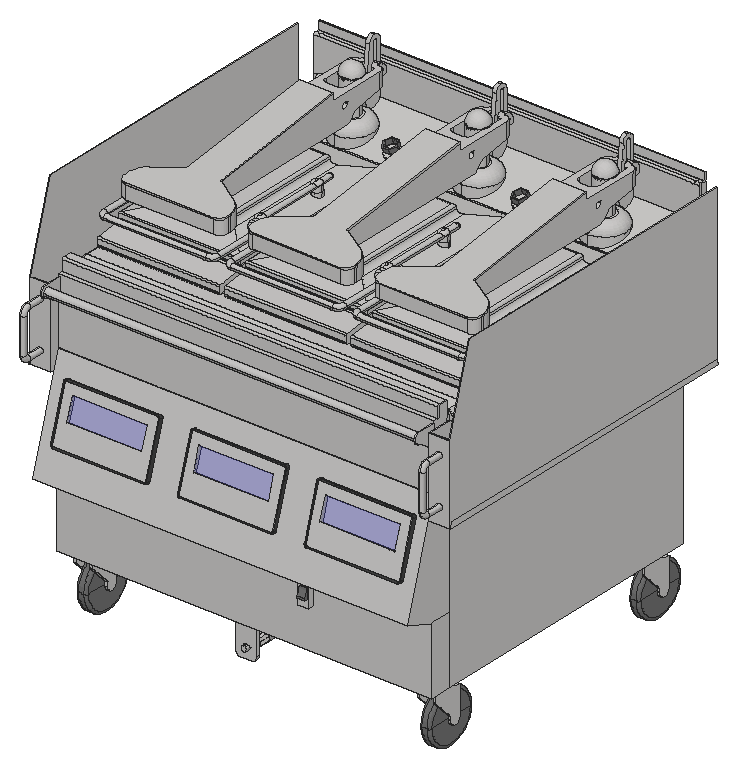
Revit family "QF_Garland_XPE36_cat", category Specialty Equipment, Revit 2014
Parameters (values of type "Type Catalog Required QF_Garland_XPE36_cat.txt")
  Weight in Pounds = 0
  Watts = 0 W
  Watermarked By = ""
  Volts = 0 V
  URL Cutsheet = ""
  URL = "http://www.garland-group.com/"
  Status [instance] = ""
  Specification by User [instance] = ""
  Specification by Manufacturer [instance] = ""
  Serial Number [instance] = ""
  Right Platen [instance] = yes
  Revision Code [instance] = ""
  Phase = 0
  Overall Width = 39.663"
  Overall Depth = 34.503"
  Model = "-"
  Middle Platen [instance] = yes
  Manufacturer = "Garland"
  Left Platen [instance] = yes
  Grease Drawer Flared [instance] = not(Grease Drawer)  # no
  Grease Drawer [instance] = yes
  Floor Clearance [instance] = if([6" Casters], 6", if([11.68" Casters], 11.68", 6"))  # 6"
  Number of Poles [instance] = 1
  NAFEM Spec ID Number [instance] = ""
  Min Ckt Ampacity = 0 A
  Max Overcurrent Protection = 0 A
  Masterspec [instance] = ""
  Item Number [instance] = "-"
  Installed By [instance] = ""
  Furnished By [instance] = ""
  Foodservice Equipment Identifier = yes
  FL Amps = 0 A
  Electrical Remarks [instance] = ""
  Electric Connection Type = ""
  Elec Conn RI Height [instance] = 0"
  Elec Conn Connection Height = 0"
  Description = "Electric XPress Grill"
  Cycle = 0 Hz
  Conn Conduit = yes
  CSI MasterFormat = ""
  Apparent Power = if(Phase = 3, Volts * FL Amps * 1.73, Volts * FL Amps)  # 0 VA
  6" Casters [instance] = yes
  11.68" Casters [instance] = not([6" Casters])  # no
Reference planes (in)
  plane 1 "BACK": y = 0
  plane 2: z = 0
  plane 3 "LEFT": x = -16.56573
  plane 4 "RIGHT": x = 23.09727
  plane 5 "CNTR LR": x = 3.26577
  plane 6 "Left Far Support Leg": x = -15.60673
  plane 7 "Right Far Support Leg": x = 22.13827
  plane 8 "Inner Body Left": x = -14.43723
  plane 9 "Inner Body Right": x = 20.96877
  plane 10: y = -34.503
  plane 11: y = -29.692
  plane 12: y = -2
  plane 13 "BOTTOM": z = 6
  plane 14 "Back Casters": y = -4.71
  plane 15 "Front Casters": y = -29.362
  plane 16 "Left Caster": x = -12.93723
  plane 17 "Right Caster": x = 19.46877
  plane 18: z = 22.755
  plane 19: z = 12.3636
  plane 20 "Front of Lower Body": y = -31.692
  plane 21: z = 21.314
  plane 22 "Back of Grease Drawer slope": y = -0.67
  plane 23: y = -0.97
  plane 24: z = 30.39859
  plane 25: z = 51.07559
  plane 26 "Left Display": x = -13.22723
  plane 27: x = -15.22373
  plane 28: x = 21.75527
  plane 29: y = -32.182
  plane 30: x = -2.93723
  plane 31: x = 9.46877
  plane 32: x = -8.68723
  plane 33: x = 15.21877
  plane 34: z = 36.806
  plane 35 "L1": x = -14.92223
  plane 36: x = 21.45377
Forms (in)
  Extrusion 1, solid, material "QF_Stainless-Polished-Brushed"
    sketch origin (0, 0, 5.5) x (0, 1, 0) y (-1, 0, 0)
      loop
        circle (-4.71, 12.93723) r 0.75
    from 0 to 0.5
  Extrusion 2, solid, material "QF_Stainless-Polished-Brushed"
    sketch origin (0, 0, 5.5) x (0, 1, 0) y (-1, 0, 0)
      loop
        circle (-4.71, -19.46877) r 0.75
    from 0 to 0.5
  Extrusion 3, solid, material "QF_Stainless-Polished-Brushed"
    sketch origin (0, 0, 5.5) x (0, 1, 0) y (-1, 0, 0)
      loop
        circle (-29.362, 12.93723) r 0.75
    from 0 to 0.5
  Extrusion 4, solid, material "QF_Stainless-Polished-Brushed"
    sketch origin (0, 0, 5.5) x (0, 1, 0) y (-1, 0, 0)
      loop
        circle (-29.362, -19.46877) r 0.75
    from 0 to 0.5
  Extrusion 5, solid, material "QF_Stainless-Polished-Brushed"
    sketch origin (-14.43723, 0, 0) x (0, 1, 0) y (0, 0, 1)
      loop
        line (-29.692, 22.755) -> (-29.692, 6) -> (-2, 6) -> (-2, 22.755) -> (-29.692, 22.755)
    from 0 to 35.406
  Extrusion 6, solid, material "QF_Stainless-Polished-Brushed"
    sketch origin (-14.43723, 0, 0) x (0, 1, 0) y (0, 0, 1)
      loop
        line (-31.692, 12.3636) -> (-31.692, 6) -> (-29.692, 6) -> (-29.692, 12.3636) -> (-31.692, 12.3636)
    from 0 to 35.406
  Extrusion 7, solid, material "QF_Stainless-Polished-Brushed"
    sketch origin (-14.43723, 0, 0) x (0, 1, 0) y (0, 0, 1)
      loop
        line (-29.692, 12.3636) -> (-29.692, 22.755) -> (-31.072, 22.755) -> (-31.38118, 23.06418) -> (-34.503, 13.38601) -> (-31.72838, 12.3636) -> (-29.692, 12.3636)
    from 0 to 35.406
  Extrusion 8, solid, material "QF_Stainless-Polished-Brushed"
    sketch origin (-14.43723, 0, 0) x (0, 1, 0) y (0, 0, 1)
      loop
        line (0, 22.755) -> (0, 35.885)
        arc (0, 35.885) -> (-0.0205, 35.9345) -> (-0.07, 35.955) r 0.07
        line (-0.07, 35.955) -> (-0.5, 35.955)
        arc (-0.5, 35.955) -> (-0.5495, 35.9345) -> (-0.57, 35.885) r 0.07
        line (-0.57, 35.885) -> (-0.57, 32.78481)
        arc (-0.57, 32.78481) -> (-0.58297, 32.74423) -> (-0.61707, 32.71868) r 0.07
        line (-0.61707, 32.71868) -> (-5.94252, 30.87191)
        arc (-5.94252, 30.87191) -> (-5.97662, 30.84636) -> (-5.98959, 30.80577) r 0.07
        line (-5.98959, 30.80577) -> (-5.98959, 28.68859) -> (-29.90559, 28.68859) -> (-29.90559, 30.32859)
        arc (-29.90559, 30.32859) -> (-29.92609, 30.37808) -> (-29.97559, 30.39859) r 0.07
        line (-29.97559, 30.39859) -> (-30.76559, 30.39859)
        arc (-30.76559, 30.39859) -> (-30.81508, 30.37808) -> (-30.83559, 30.32859) r 0.07
        line (-30.83559, 30.32859) -> (-30.83559, 29.33859) -> (-31.40559, 29.33859) -> (-31.40559, 23.08859) -> (-31.072, 22.755) -> (0, 22.755)
    from 0 to 35.406
  Extrusion 9, solid, material "QF_Stainless-Polished-Brushed"
    sketch origin (-14.43723, 0, 0) x (0, 1, 0) y (0, 0, 1)
      loop
        arc (-0.57, 35.885) -> (-0.5495, 35.9345) -> (-0.5, 35.955) r 0.07
        line (-0.5, 35.955) -> (-0.13, 35.955)
        arc (-0.13, 35.955) -> (-0.03808, 35.99308) -> (0, 36.085) r 0.13
        line (0, 36.085) -> (0, 36.806) -> (-0.1, 36.806) -> (-0.1, 36.085)
        arc (-0.1, 36.085) -> (-0.10879, 36.06379) -> (-0.13, 36.055) r 0.03
        line (-0.13, 36.055) -> (-0.5, 36.055)
        arc (-0.5, 36.055) -> (-0.62021, 36.00521) -> (-0.67, 35.885) r 0.17
        line (-0.67, 35.885) -> (-0.67, 32.80616) -> (-5.97529, 30.96639)
        arc (-5.97529, 30.96639) -> (-6.05809, 30.90434) -> (-6.08959, 30.80577) r 0.17
        line (-6.08959, 30.80577) -> (-6.08959, 28.68859) -> (-5.98959, 28.68859) -> (-5.98959, 30.80577)
        arc (-5.98959, 30.80577) -> (-5.97662, 30.84636) -> (-5.94252, 30.87191) r 0.07
        line (-5.94252, 30.87191) -> (-0.61707, 32.71868)
        arc (-0.61707, 32.71868) -> (-0.58297, 32.74423) -> (-0.57, 32.78481) r 0.07
        line (-0.57, 32.78481) -> (-0.57, 35.885)
    from 0 to 35.406
  Extrusion 10, solid, material "QF_Stainless-Polished-Brushed"
    sketch origin (-14.43723, 0, 0) x (0, 1, 0) y (0, 0, 1)
      loop
        line (-29.97559, 30.39859) -> (-29.97559, 30.49859) -> (-30.76559, 30.49859)
        arc (-30.76559, 30.49859) -> (-30.8858, 30.4488) -> (-30.93559, 30.32859) r 0.17
        line (-30.93559, 30.32859) -> (-30.93559, 29.33859) -> (-30.83559, 29.33859) -> (-30.83559, 30.32859)
        arc (-30.83559, 30.32859) -> (-30.81508, 30.37808) -> (-30.76559, 30.39859) r 0.07
        line (-30.76559, 30.39859) -> (-29.97559, 30.39859)
    from 0 to 35.406
  Extrusion 11, solid, material "QF_Stainless-Polished-Brushed"
    sketch origin (-14.43723, 0, 0) x (0, 1, 0) y (0, 0, 1)
      loop
        line (-31.40559, 26.98859) -> (-31.40559, 29.10859) -> (-33.07559, 29.10859)
        arc (-33.07559, 29.10859) -> (-33.57559, 28.60859) -> (-33.07559, 28.10859) r 0.5
        line (-33.07559, 28.10859) -> (-31.40559, 26.98859)
    from 0 to 0.13
  Extrusion 12, solid, material "QF_Stainless-Polished-Brushed"
    sketch origin (-14.43723, 0, 0) x (0, 1, 0) y (0, 0, 1)
      loop
        line (-6.08959, 28.68859) -> (-6.08959, 29.59766) -> (-28.08959, 29.59766) -> (-28.08959, 28.68859) -> (-6.08959, 28.68859)
    from 0 to 35.406
  Extrusion 13, solid, material "QF_Stainless-Polished-Brushed"
    sketch origin (-14.43723, 0, 0) x (0, 1, 0) y (0, 0, 1)
      loop
        line (-29.90559, 28.68859) -> (-28.18959, 28.68859) -> (-28.18959, 29.59766) -> (-29.90559, 28.98859) -> (-29.90559, 28.68859)
    from 0 to 35.406
  Extrusion 14, solid, material "QF_Stainless-Polished-Brushed"
    sketch origin (-14.43723, -34.503, 13.38601) x (0, 0.306987, 0.951714) y (-1, 0, 0)
      loop
        line (7.23925, -2.21) -> (5.07896, -2.21) -> (5.07896, -9.286) -> (7.23925, -9.286) -> (7.23925, -2.21)
      loop
        line (7.98925, -1.31) -> (3.10096, -1.31)
        arc (3.10096, -1.31) -> (2.99489, -1.35393) -> (2.95096, -1.46) r 0.15
        line (2.95096, -1.46) -> (2.95096, -10.036)
        arc (2.95096, -10.036) -> (2.99489, -10.14207) -> (3.10096, -10.186) r 0.15
        line (3.10096, -10.186) -> (7.98925, -10.186)
        arc (7.98925, -10.186) -> (8.09532, -10.14207) -> (8.13925, -10.036) r 0.15
        line (8.13925, -10.036) -> (8.13925, -1.46)
        arc (8.13925, -1.46) -> (8.09532, -1.35393) -> (7.98925, -1.31) r 0.15
      loop
        line (7.23925, -14.165) -> (5.07896, -14.165) -> (5.07896, -21.241) -> (7.23925, -21.241) -> (7.23925, -14.165)
      loop
        line (7.98925, -13.265) -> (3.10096, -13.265)
        arc (3.10096, -13.265) -> (2.99489, -13.30893) -> (2.95096, -13.415) r 0.15
        line (2.95096, -13.415) -> (2.95096, -21.991)
        arc (2.95096, -21.991) -> (2.99489, -22.09707) -> (3.10096, -22.141) r 0.15
        line (3.10096, -22.141) -> (7.98925, -22.141)
        arc (7.98925, -22.141) -> (8.09532, -22.09707) -> (8.13925, -21.991) r 0.15
        line (8.13925, -21.991) -> (8.13925, -13.415)
        arc (8.13925, -13.415) -> (8.09532, -13.30893) -> (7.98925, -13.265) r 0.15
    from 0 to 0.3
  Extrusion 15, solid, material "QF_Steel-Paint Finish-Black"
    sketch origin (-14.43723, -34.503, 13.38601) x (0, 0.306987, 0.951714) y (-1, 0, 0)
      loop
        line (7.98925, -1.31) -> (3.10096, -1.31)
        arc (3.10096, -1.31) -> (2.99489, -1.35393) -> (2.95096, -1.46) r 0.15
        line (2.95096, -1.46) -> (2.95096, -10.036)
        arc (2.95096, -10.036) -> (2.99489, -10.14207) -> (3.10096, -10.186) r 0.15
        line (3.10096, -10.186) -> (7.98925, -10.186)
        arc (7.98925, -10.186) -> (8.09532, -10.14207) -> (8.13925, -10.036) r 0.15
        line (8.13925, -10.036) -> (8.13925, -1.46)
        arc (8.13925, -1.46) -> (8.09532, -1.35393) -> (7.98925, -1.31) r 0.15
      loop
        arc (3.10096, -1.21) -> (2.92418, -1.28322) -> (2.85096, -1.46) r 0.25
        line (2.85096, -1.46) -> (2.85096, -10.036)
        arc (2.85096, -10.036) -> (2.92418, -10.21278) -> (3.10096, -10.286) r 0.25
        line (3.10096, -10.286) -> (7.98925, -10.286)
        arc (7.98925, -10.286) -> (8.16603, -10.21278) -> (8.23925, -10.036) r 0.25
        line (8.23925, -10.036) -> (8.23925, -1.46)
        arc (8.23925, -1.46) -> (8.16603, -1.28322) -> (7.98925, -1.21) r 0.25
        line (7.98925, -1.21) -> (3.10096, -1.21)
      loop
        line (7.98925, -13.263) -> (3.10096, -13.263)
        arc (3.10096, -13.263) -> (2.99489, -13.30693) -> (2.95096, -13.413) r 0.15
        line (2.95096, -13.413) -> (2.95096, -21.989)
        arc (2.95096, -21.989) -> (2.99489, -22.09507) -> (3.10096, -22.139) r 0.15
        line (3.10096, -22.139) -> (7.98925, -22.139)
        arc (7.98925, -22.139) -> (8.09532, -22.09507) -> (8.13925, -21.989) r 0.15
        line (8.13925, -21.989) -> (8.13925, -13.413)
        arc (8.13925, -13.413) -> (8.09532, -13.30693) -> (7.98925, -13.263) r 0.15
      loop
        arc (3.10096, -13.163) -> (2.92418, -13.23622) -> (2.85096, -13.413) r 0.25
        line (2.85096, -13.413) -> (2.85096, -21.989)
        arc (2.85096, -21.989) -> (2.92418, -22.16578) -> (3.10096, -22.239) r 0.25
        line (3.10096, -22.239) -> (7.98925, -22.239)
        arc (7.98925, -22.239) -> (8.16603, -22.16578) -> (8.23925, -21.989) r 0.25
        line (8.23925, -21.989) -> (8.23925, -13.413)
        arc (8.23925, -13.413) -> (8.16603, -13.23622) -> (7.98925, -13.163) r 0.25
        line (7.98925, -13.163) -> (3.10096, -13.163)
    from 0 to 0.3
  Extrusion 16, solid, material "QF_Glass-Cast-Clear"
    sketch origin (-14.43723, -34.503, 13.38601) x (0, 0.306987, 0.951714) y (-1, 0, 0)
      loop
        line (5.07896, -2.21) -> (5.07896, -9.286) -> (7.23925, -9.286) -> (7.23925, -2.21) -> (5.07896, -2.21)
      loop
        line (5.07896, -14.163) -> (5.07896, -21.239) -> (7.23925, -21.239) -> (7.23925, -14.163) -> (5.07896, -14.163)
    from 0 to 0.3
  Extrusion 17, solid, material "QF_Stainless-Polished-Brushed"
    sketch origin (0, -0.67, 0) x (1, 0, 0) y (0, 0, 1)
      loop
        line (-14.43723, 29.59766) -> (-15.22373, 28.689) -> (-14.43723, 28.689) -> (-14.43723, 29.59766)
    from 0 to 29.022
  Extrusion 18, solid, material "QF_Stainless-Polished-Brushed"
    sketch origin (0, -0.67, 0) x (1, 0, 0) y (0, 0, 1)
      loop
        line (20.96877, 29.59766) -> (20.96877, 28.689) -> (21.75527, 28.689) -> (20.96877, 29.59766)
    from 0 to 29.022
  Extrusion 19, solid, material "QF_Stainless-Polished-Brushed"
    sketch origin (0, 0, 6) x (0, 1, 0) y (-1, 0, 0)
      loop
        circle (-9.197, 8.60573) r 0.25
    from 0 to -0.25
  Extrusion 20, solid, material "QF_Stainless-Polished-Brushed"
    sketch origin (0, -31.692, 0) x (1, 0, 0) y (0, 0, 1)
      loop
        line (8.76577, 11.8636) -> (8.76577, 9.8636) -> (9.76577, 9.8636) -> (9.76577, 11.8636) -> (8.76577, 11.8636)
      loop
        line (8.89577, 11.6136) -> (8.89577, 10.6136) -> (9.63577, 10.6136) -> (9.63577, 11.6136) -> (8.89577, 11.6136)
    from 0 to 0.5
  Extrusion 21, solid, material "QF_Rubber-Black"
    sketch origin (8.89577, -31.692, 11.6136) x (0, 0, -1) y (0, 1, 0)
      loop
        line (1, -0.37) -> (0, -0.37) -> (0, -0.5)
        arc (0, -0.5) -> (0.4526, -0.56374) -> (0.87, -0.75) r 1.6388
        line (0.87, -0.75) -> (1, -0.75) -> (1, -0.37)
    from 0 to 0.74
  Extrusion 22, solid, material "QF_Stainless-Polished-Brushed"
    sketch origin (-14.43723, -0.67, 32.80616) x (0, -0.944803, -0.32764) y (1, 0, 0)
      loop
        circle (4.27501, 33.906) r 0.75
      loop
        circle (4.27501, 10.203) r 0.75
      loop
        circle (4.27501, 22.406) r 0.75
    from 0 to 0.13
  Extrusion 23, solid, material "QF_Stainless-Polished-Brushed"
    sketch origin (-14.43723, -0.67, 32.80616) x (0, -0.944803, -0.32764) y (1, 0, 0)
      loop
        circle (4.27501, 33.906) r 0.5
      loop
        circle (4.27501, 22.406) r 0.5
    from 0 to 0.5
  Extrusion 24, solid, material "QF_Rubber-Black"
    sketch origin (-14.43723, -0.67, 32.80616) x (0, -0.944803, -0.32764) y (1, 0, 0)
      loop
        line (3.77501, 33.61732) -> (4.27501, 33.32865) -> (4.77501, 33.61732) -> (4.77501, 34.19468) -> (4.27501, 34.48335) -> (3.77501, 34.19468) -> (3.77501, 33.61732)
      loop
        line (3.67501, 33.55959) -> (4.27501, 33.21318) -> (4.87501, 33.55959) -> (4.87501, 34.25241) -> (4.27501, 34.59882) -> (3.67501, 34.25241) -> (3.67501, 33.55959)
      loop
        line (3.77501, 9.91432) -> (4.27501, 9.62565) -> (4.77501, 9.91432) -> (4.77501, 10.49168) -> (4.27501, 10.78035) -> (3.77501, 10.49168) -> (3.77501, 9.91432)
      loop
        line (3.67501, 9.85659) -> (4.27501, 9.51018) -> (4.87501, 9.85659) -> (4.87501, 10.54941) -> (4.27501, 10.89582) -> (3.67501, 10.54941) -> (3.67501, 9.85659)
      loop
        line (3.77501, 22.11732) -> (4.27501, 21.82865) -> (4.77501, 22.11732) -> (4.77501, 22.69468) -> (4.27501, 22.98335) -> (3.77501, 22.69468) -> (3.77501, 22.11732)
      loop
        line (3.67501, 22.05959) -> (4.27501, 21.71318) -> (4.87501, 22.05959) -> (4.87501, 22.75241) -> (4.27501, 23.09882) -> (3.67501, 22.75241) -> (3.67501, 22.05959)
    from 0.5 to 1
  Extrusion 25, solid, material "QF_Stainless-Polished-Brushed"
    sketch origin (20.96877, 0, 0) x (0, 1, 0) y (0, 0, 1)
      loop
        line (-33.07559, 28.10859) -> (-31.40559, 26.98859) -> (-31.40559, 29.10859) -> (-33.07559, 29.10859)
        arc (-33.07559, 29.10859) -> (-33.57559, 28.60859) -> (-33.07559, 28.10859) r 0.5
    from 0 to -0.13
  Extrusion 26, solid, material "QF_Stainless-Polished-Brushed"
    sketch origin (-14.43723, 0, 0) x (0, 1, 0) y (0, 0, 1)
      loop
        circle (-33.07559, 28.60859) r 0.3419
    from 0.13 to 35.276
  Extrusion 27, void
    sketch origin (-14.43723, -6.08959, 29.59766) x (1, 0, 0) y (0, -1, 0)
      loop
        line (0.23, 0.70841) -> (11.37, 0.70841)
        arc (11.37, 0.70841) -> (11.46192, 0.74649) -> (11.5, 0.83841) r 0.13
        line (11.5, 0.83841) -> (11.5, 20.57841)
        arc (11.5, 20.57841) -> (11.46192, 20.67034) -> (11.37, 20.70841) r 0.13
        line (11.37, 20.70841) -> (0.23, 20.70841)
        arc (0.23, 20.70841) -> (0.13808, 20.67034) -> (0.1, 20.57841) r 0.13
        line (0.1, 20.57841) -> (0.1, 0.83841)
        arc (0.1, 0.83841) -> (0.13808, 0.74649) -> (0.23, 0.70841) r 0.13
      loop
        arc (23.306, 20.57841) -> (23.26792, 20.67034) -> (23.176, 20.70841) r 0.13
        line (23.176, 20.70841) -> (12.036, 20.70841)
        arc (12.036, 20.70841) -> (11.94408, 20.67034) -> (11.906, 20.57841) r 0.13
        line (11.906, 20.57841) -> (11.906, 0.83841)
        arc (11.906, 0.83841) -> (11.94408, 0.74649) -> (12.036, 0.70841) r 0.13
        line (12.036, 0.70841) -> (23.176, 0.70841)
        arc (23.176, 0.70841) -> (23.26792, 0.74649) -> (23.306, 0.83841) r 0.13
        line (23.306, 0.83841) -> (23.306, 20.57841)
      loop
        line (24.0345, 20.57841) -> (24.0345, 0.83841)
        arc (24.0345, 0.83841) -> (24.07258, 0.74649) -> (24.1645, 0.70841) r 0.13
        line (24.1645, 0.70841) -> (35.3045, 0.70841)
        arc (35.3045, 0.70841) -> (35.39642, 0.74649) -> (35.4345, 0.83841) r 0.13
        line (35.4345, 0.83841) -> (35.4345, 20.57841)
        arc (35.4345, 20.57841) -> (35.39642, 20.67034) -> (35.3045, 20.70841) r 0.13
        line (35.3045, 20.70841) -> (24.1645, 20.70841)
        arc (24.1645, 20.70841) -> (24.07258, 20.67034) -> (24.0345, 20.57841) r 0.13
    from 0 to 0.25
  Extrusion 28, solid, material "QF_Stainless-Polished-Brushed"
    sketch origin (-14.43723, -6.08959, 29.59766) x (0, -1, 0) y (1, 0, 0)
      loop
        line (20.57841, 11.5) -> (0.83841, 11.5)
        arc (0.83841, 11.5) -> (0.74649, 11.46192) -> (0.70841, 11.37) r 0.13
        line (0.70841, 11.37) -> (0.70841, 0.23)
        arc (0.70841, 0.23) -> (0.74649, 0.13808) -> (0.83841, 0.1) r 0.13
        line (0.83841, 0.1) -> (20.57841, 0.1)
        arc (20.57841, 0.1) -> (20.67034, 0.13808) -> (20.70841, 0.23) r 0.13
        line (20.70841, 0.23) -> (20.70841, 11.37)
        arc (20.70841, 11.37) -> (20.67034, 11.46192) -> (20.57841, 11.5) r 0.13
      loop
        line (20.70841, 12.036) -> (20.70841, 23.176)
        arc (20.70841, 23.176) -> (20.67034, 23.26792) -> (20.57841, 23.306) r 0.13
        line (20.57841, 23.306) -> (0.83841, 23.306)
        arc (0.83841, 23.306) -> (0.74649, 23.26792) -> (0.70841, 23.176) r 0.13
        line (0.70841, 23.176) -> (0.70841, 12.036)
        arc (0.70841, 12.036) -> (0.74649, 11.94408) -> (0.83841, 11.906) r 0.13
        line (0.83841, 11.906) -> (20.57841, 11.906)
        arc (20.57841, 11.906) -> (20.67034, 11.94408) -> (20.70841, 12.036) r 0.13
      loop
        line (20.57841, 35.4345) -> (0.83841, 35.4345)
        arc (0.83841, 35.4345) -> (0.74649, 35.39642) -> (0.70841, 35.3045) r 0.13
        line (0.70841, 35.3045) -> (0.70841, 24.1645)
        arc (0.70841, 24.1645) -> (0.74649, 24.07258) -> (0.83841, 24.0345) r 0.13
        line (0.83841, 24.0345) -> (20.57841, 24.0345)
        arc (20.57841, 24.0345) -> (20.67034, 24.07258) -> (20.70841, 24.1645) r 0.13
        line (20.70841, 24.1645) -> (20.70841, 35.3045)
        arc (20.70841, 35.3045) -> (20.67034, 35.39642) -> (20.57841, 35.4345) r 0.13
    from -0.25 to 0
  Extrusion 29, solid, material "QF_Steel-Paint Finish-Black"
    sketch origin (-14.43723, -34.503, 13.38601) x (0, 0.306987, 0.951714) y (-1, 0, 0)
      loop
        arc (2.85096, -33.946) -> (2.92418, -34.12278) -> (3.10096, -34.196) r 0.25
        line (3.10096, -34.196) -> (7.98925, -34.196)
        arc (7.98925, -34.196) -> (8.16603, -34.12278) -> (8.23925, -33.946) r 0.25
        line (8.23925, -33.946) -> (8.23925, -25.37)
        arc (8.23925, -25.37) -> (8.16603, -25.19322) -> (7.98925, -25.12) r 0.25
        line (7.98925, -25.12) -> (3.10096, -25.12)
        arc (3.10096, -25.12) -> (2.92418, -25.19322) -> (2.85096, -25.37) r 0.25
        line (2.85096, -25.37) -> (2.85096, -33.946)
      loop
        line (2.95096, -25.37) -> (2.95096, -33.946)
        arc (2.95096, -33.946) -> (2.99489, -34.05207) -> (3.10096, -34.096) r 0.15
        line (3.10096, -34.096) -> (7.98925, -34.096)
        arc (7.98925, -34.096) -> (8.09532, -34.05207) -> (8.13925, -33.946) r 0.15
        line (8.13925, -33.946) -> (8.13925, -25.37)
        arc (8.13925, -25.37) -> (8.09532, -25.26393) -> (7.98925, -25.22) r 0.15
        line (7.98925, -25.22) -> (3.10096, -25.22)
        arc (3.10096, -25.22) -> (2.99489, -25.26393) -> (2.95096, -25.37) r 0.15
    from 0 to 0.3
  Extrusion 30, solid, material "QF_Stainless-Polished-Brushed"
    sketch origin (-14.43723, -34.503, 13.38601) x (0, 0.306987, 0.951714) y (-1, 0, 0)
      loop
        line (7.23925, -33.196) -> (7.23925, -26.12) -> (5.07896, -26.12) -> (5.07896, -33.196) -> (7.23925, -33.196)
      loop
        arc (3.10096, -25.22) -> (2.99489, -25.26393) -> (2.95096, -25.37) r 0.15
        line (2.95096, -25.37) -> (2.95096, -33.946)
        arc (2.95096, -33.946) -> (2.99489, -34.05207) -> (3.10096, -34.096) r 0.15
        line (3.10096, -34.096) -> (7.98925, -34.096)
        arc (7.98925, -34.096) -> (8.09532, -34.05207) -> (8.13925, -33.946) r 0.15
        line (8.13925, -33.946) -> (8.13925, -25.37)
        arc (8.13925, -25.37) -> (8.09532, -25.26393) -> (7.98925, -25.22) r 0.15
        line (7.98925, -25.22) -> (3.10096, -25.22)
    from 0 to 0.3
  Extrusion 31, solid, material "QF_Glass-Cast-Clear"
    sketch origin (-14.43723, -34.503, 13.38601) x (0, 0.306987, 0.951714) y (-1, 0, 0)
      loop
        line (5.07896, -33.196) -> (7.23925, -33.196) -> (7.23925, -26.12) -> (5.07896, -26.12) -> (5.07896, -33.196)
    from 0 to 0.3
  Sweep 32, solid, material "QF_Stainless-Polished-Brushed"
    path origin (3.26577, 0, 0) x (0, 1, 0) y (0, 0, 1)
      loop
        line (-11.71, 6) -> (-11.71, 5)
        arc (-11.71, 5) -> (-12.00289, 4.29289) -> (-12.71, 4) r 1
        line (-12.71, 4) -> (-31.692, 4)
    profile origin (3.26577, -22.201, 4) x (0, 0, -1) y (1, 0, 0)
      loop
        circle (0, 0) r 0.25
  Sweep 33, solid, material "QF_Stainless-Polished-Brushed"
    path origin (3.26577, 0, 0) x (0, 1, 0) y (0, 0, 1)
      loop
        line (-29.362, 4) -> (-12.71, 4)
        arc (-12.71, 4) -> (-12.00289, 4.29289) -> (-11.71, 5) r 1
        line (-11.71, 5) -> (-11.71, 6)
    profile origin (3.26577, -21.036, 4) x (0, 0, 1) y (1, 0, 0)
      loop
        circle (0, 0) r 0.5
  Extrusion 34, solid, material "QF_Stainless-Polished-Brushed"
    sketch origin (3.26577, -29.362, 4) x (0, 0, -1) y (1, 0, 0)
      loop
        line (-0.40825, 0.40825) -> (-0.55768, -0.14943) -> (-0.14943, -0.55768) -> (0.40825, -0.40825) -> (0.55768, 0.14943) -> (0.14943, 0.55768) -> (-0.40825, 0.40825)
      loop
        circle (0, 0) r 0.25
    from 0 to 1
  Extrusion 35, solid, material "QF_Stainless-Polished-Brushed"
    sketch origin (0, -31.692, 0) x (1, 0, 0) y (0, 0, 1)
      loop
        line (2.76577, 3) -> (3.76577, 3)
        arc (3.76577, 3) -> (4.11933, 3.14645) -> (4.26577, 3.5) r 0.5
        line (4.26577, 3.5) -> (4.26577, 6) -> (2.26577, 6) -> (2.26577, 3.5)
        arc (2.26577, 3.5) -> (2.41222, 3.14645) -> (2.76577, 3) r 0.5
      loop
        circle (3.26577, 4) r 0.3
    from -0.3 to -0.5
  Extrusion 36, solid, material "QF_Stainless-Polished-Brushed"
    sketch origin (-14.92223, 0, 0) x (0, 1, 0) y (0, 0, 1)
      loop
        line (-0.1, 36.806) -> (-0.1, 36.085)
        arc (-0.1, 36.085) -> (-0.10879, 36.06379) -> (-0.13, 36.055) r 0.03
        line (-0.13, 36.055) -> (-0.5, 36.055)
        arc (-0.5, 36.055) -> (-0.62021, 36.00521) -> (-0.67, 35.885) r 0.17
        line (-0.67, 35.885) -> (-0.67, 32.70032) -> (-0.61707, 32.71868)
        arc (-0.61707, 32.71868) -> (-0.58297, 32.74423) -> (-0.57, 32.78481) r 0.07
        line (-0.57, 32.78481) -> (-0.57, 35.885)
        arc (-0.57, 35.885) -> (-0.5495, 35.9345) -> (-0.5, 35.955) r 0.07
        line (-0.5, 35.955) -> (-0.13, 35.955)
        arc (-0.13, 35.955) -> (-0.03808, 35.99308) -> (0, 36.085) r 0.13
        line (0, 36.085) -> (0, 36.806) -> (-0.1, 36.806)
    from 0 to 36.376
  Extrusion 37, solid, material "QF_Stainless-Polished-Brushed"
    sketch origin (-14.92223, 0, 0) x (0, 1, 0) y (0, 0, 1)
      loop
        arc (0, 35.885) -> (-0.0205, 35.9345) -> (-0.07, 35.955) r 0.07
        line (-0.07, 35.955) -> (-0.5, 35.955)
        arc (-0.5, 35.955) -> (-0.5495, 35.9345) -> (-0.57, 35.885) r 0.07
        line (-0.57, 35.885) -> (-0.57, 32.78481)
        arc (-0.57, 32.78481) -> (-0.58297, 32.74423) -> (-0.61707, 32.71868) r 0.07
        line (-0.61707, 32.71868) -> (-0.67, 32.70032) -> (-0.67, 22.755) -> (0, 22.755) -> (0, 35.885)
    from 0 to 36.376
Cuts and joins
  Extrusion 27 cuts Extrusion 5
  Extrusion 27 cuts Extrusion 8
  Extrusion 27 cuts Extrusion 12
  joined: Extrusion 9, Extrusion 36
Lines and regions (in)
  symbolic lines
    curve 1: line (-14.92223, -0.69028, 0) -> (-14.92223, 0, 0)
    curve 2: line (-14.92223, 0, 0) -> (21.45377, 0, 0)
    curve 3: line (21.45377, 0, 0) -> (21.45377, -0.69028, 0)
    curve 4: line (21.45377, -0.69028, 0) -> (-14.92223, -0.69028, 0)
    curve 5: line (-14.43723, -32.20228, 0) -> (-14.43723, -34.503, 0)
    curve 6: line (-14.43723, -34.503, 0) -> (20.96877, -34.503, 0)
    curve 7: line (20.96877, -34.503, 0) -> (20.96877, -32.20228, 0)
  symbolic lines, style "QF_Details_Surface"
    curve 8: line (-14.30723, -31.72838, 0) -> (20.83877, -31.72838, 0)
    curve 9: line (-14.30723, -31.40559, 0) -> (20.83877, -31.40559, 0)
    curve 10: line (-14.43723, -5.98959, 0) -> (-10.24723, -5.98959, 0)
    curve 11: line (20.96877, -5.97529, 0) -> (16.77877, -5.97529, 0)
    curve 12: line (-13.22723, -32.0928, 0) -> (-13.22723, -33.79416, 0)
    curve 13: spline (-13.22723, -33.79416, 0) -> (-13.22509, -33.80971, 0) -> (-13.21871, -33.825, 0) -> (-13.2082, -33.83975, 0) -> (-13.19373, -33.85373, 0) -> (-13.17556, -33.86669, 0) -> (-13.154, -33.87841, 0) -> (-13.12942, -33.88869, 0) -> (-13.10223, -33.89734, 0) -> (-13.0729, -33.90424, 0) -> (-13.04193, -33.90925, 0) -> (-13.00986, -33.91229, 0) -> (-12.97723, -33.91331, 0)
    curve 14: line (-12.97723, -33.91331, 0) -> (-4.40123, -33.91331, 0)
    curve 15: spline (-4.40123, -33.91331, 0) -> (-4.36859, -33.91229, 0) -> (-4.33652, -33.90925, 0) -> (-4.30555, -33.90424, 0) -> (-4.27623, -33.89734, 0) -> (-4.24904, -33.88869, 0) -> (-4.22445, -33.87841, 0) -> (-4.20289, -33.86669, 0) -> (-4.18472, -33.85373, 0) -> (-4.17026, -33.83975, 0) -> (-4.15974, -33.825, 0) -> (-4.15336, -33.80971, 0) -> (-4.15123, -33.79416, 0)
    curve 16: line (-4.15123, -33.79416, 0) -> (-4.15123, -32.0928, 0)
    curve 17: spline (-4.40123, -31.97366, 0) -> (-4.36859, -31.97468, 0) -> (-4.33652, -31.97772, 0) -> (-4.30555, -31.98273, 0) -> (-4.27623, -31.98962, 0) -> (-4.24904, -31.99828, 0) -> (-4.22445, -32.00855, 0) -> (-4.20289, -32.02027, 0) -> (-4.18472, -32.03323, 0) -> (-4.17026, -32.04721, 0) -> (-4.15974, -32.06197, 0) -> (-4.15336, -32.07725, 0) -> (-4.15123, -32.0928, 0)
    curve 18: line (-12.97723, -31.97366, 0) -> (-4.40123, -31.97366, 0)
    curve 19: spline (-13.22723, -32.0928, 0) -> (-13.22509, -32.07725, 0) -> (-13.21871, -32.06197, 0) -> (-13.2082, -32.04721, 0) -> (-13.19373, -32.03323, 0) -> (-13.17556, -32.02027, 0) -> (-13.154, -32.00855, 0) -> (-13.12942, -31.99828, 0) -> (-13.10223, -31.98962, 0) -> (-13.0729, -31.98273, 0) -> (-13.04193, -31.97772, 0) -> (-13.00986, -31.97468, 0) -> (-12.97723, -31.97366, 0)
    curve 20: line (-12.22723, -33.22934, 0) -> (-12.22723, -32.34612, 0)
    curve 21: line (-5.15123, -32.34612, 0) -> (-5.15123, -33.22934, 0)
    curve 22: line (-5.15123, -33.22934, 0) -> (-12.22723, -33.22934, 0)
    curve 23: line (-12.22723, -32.34612, 0) -> (-5.15123, -32.34612, 0)
    curve 24: line (-14.43723, -29.692, 0) -> (-15.22373, -29.692, 0)
    curve 25: line (-15.22373, -0.67, 0) -> (-15.22373, -29.692, 0)
    curve 26: line (21.75527, -0.67, 0) -> (21.75527, -29.692, 0)
    curve 27: line (20.96877, -29.692, 0) -> (21.75527, -29.692, 0)
    curve 28: line (-14.30723, -33.57559, 6) -> (-14.30723, -31.40559, 6)
    curve 29: line (20.83877, -31.40559, 6) -> (20.83877, -33.57559, 6)
    curve 30: line (-14.30723, -33.57559, 6) -> (-14.43723, -33.57559, 6)
    curve 31: line (20.83877, -33.57559, 6) -> (20.96877, -33.57559, 6)
    curve 32: line (20.83877, -31.40559, 6) -> (20.96877, -31.40559, 6)
    curve 33: line (-14.30723, -31.40559, 6) -> (-14.37223, -31.40559, 6)
    curve 34: line (-0.27423, -32.28987, 6) -> (-0.27423, -33.22934, 6)
    curve 35: line (6.80177, -33.22934, 6) -> (6.80177, -32.28987, 6)
    curve 36: line (-1.27423, -32.0928, 6) -> (-1.27423, -33.76346, 6)
    curve 37: line (7.80177, -33.76346, 6) -> (7.80177, -32.0928, 6)
    curve 38: spline (7.55177, -33.88261, 6) -> (7.58441, -33.88159, 6) -> (7.61648, -33.87855, 6) -> (7.64745, -33.87354, 6) -> (7.67677, -33.86665, 6) -> (7.70396, -33.85799, 6) -> (7.72855, -33.84771, 6) -> (7.75011, -33.83599, 6) -> (7.76828, -33.82303, 6) -> (7.78274, -33.80906, 6) -> (7.79326, -33.7943, 6) -> (7.79964, -33.77901, 6) -> (7.80177, -33.76346, 6)
    curve 39: line (-1.02423, -33.88261, 6) -> (7.55177, -33.88261, 6)
    curve 40: spline (-1.27423, -33.76346, 6) -> (-1.27209, -33.77901, 6) -> (-1.26571, -33.7943, 6) -> (-1.2552, -33.80906, 6) -> (-1.24073, -33.82303, 6) -> (-1.22256, -33.83599, 6) -> (-1.201, -33.84771, 6) -> (-1.17642, -33.85799, 6) -> (-1.14923, -33.86665, 6) -> (-1.1199, -33.87354, 6) -> (-1.08893, -33.87855, 6) -> (-1.05686, -33.88159, 6) -> (-1.02423, -33.88261, 6)
    curve 41: spline (-1.27423, -32.0928, 6) -> (-1.27209, -32.07725, 6) -> (-1.26571, -32.06197, 6) -> (-1.2552, -32.04721, 6) -> (-1.24073, -32.03323, 6) -> (-1.22256, -32.02027, 6) -> (-1.201, -32.00855, 6) -> (-1.17642, -31.99828, 6) -> (-1.14923, -31.98962, 6) -> (-1.1199, -31.98273, 6) -> (-1.08893, -31.97772, 6) -> (-1.05686, -31.97468, 6) -> (-1.02423, -31.97366, 6)
    curve 42: line (-1.02423, -31.97366, 6) -> (7.55177, -31.97366, 6)
    curve 43: spline (7.55177, -31.97366, 6) -> (7.58441, -31.97468, 6) -> (7.61648, -31.97772, 6) -> (7.64745, -31.98273, 6) -> (7.67677, -31.98962, 6) -> (7.70396, -31.99828, 6) -> (7.72855, -32.00855, 6) -> (7.75011, -32.02027, 6) -> (7.76828, -32.03323, 6) -> (7.78274, -32.04721, 6) -> (7.79326, -32.06197, 6) -> (7.79964, -32.07725, 6) -> (7.80177, -32.0928, 6)
    curve 44: line (-0.27423, -33.22934, 6) -> (6.80177, -33.22934, 6)
    curve 45: line (6.80177, -32.28987, 6) -> (-0.27423, -32.28987, 6)
    curve 46: line (11.68277, -32.25917, 6) -> (11.68277, -33.22934, 6)
    curve 47: line (18.75877, -33.22934, 6) -> (18.75877, -32.25917, 6)
    curve 48: line (11.68277, -33.22934, 6) -> (18.75877, -33.22934, 6)
    curve 49: line (18.75877, -32.25917, 6) -> (11.68277, -32.25917, 6)
    curve 50: line (10.68277, -32.0928, 6) -> (10.68277, -33.76346, 6)
    curve 51: line (19.75877, -33.76346, 6) -> (19.75877, -32.0928, 6)
    curve 52: line (10.93277, -33.88261, 6) -> (19.50877, -33.88261, 6)
    curve 53: line (10.93277, -31.97366, 6) -> (19.50877, -31.97366, 6)
    curve 54: spline (10.68277, -33.76346, 6) -> (10.68491, -33.77901, 6) -> (10.69129, -33.7943, 6) -> (10.7018, -33.80906, 6) -> (10.71627, -33.82303, 6) -> (10.73444, -33.83599, 6) -> (10.756, -33.84771, 6) -> (10.78058, -33.85799, 6) -> (10.80777, -33.86665, 6) -> (10.8371, -33.87354, 6) -> (10.86807, -33.87855, 6) -> (10.90014, -33.88159, 6) -> (10.93277, -33.88261, 6)
    curve 55: spline (19.50877, -33.88261, 6) -> (19.54141, -33.88159, 6) -> (19.57348, -33.87855, 6) -> (19.60445, -33.87354, 6) -> (19.63377, -33.86665, 6) -> (19.66096, -33.85799, 6) -> (19.68555, -33.84771, 6) -> (19.70711, -33.83599, 6) -> (19.72528, -33.82303, 6) -> (19.73974, -33.80906, 6) -> (19.75026, -33.7943, 6) -> (19.75664, -33.77901, 6) -> (19.75877, -33.76346, 6)
    curve 56: spline (19.50877, -31.97366, 6) -> (19.54141, -31.97468, 6) -> (19.57348, -31.97772, 6) -> (19.60445, -31.98273, 6) -> (19.63377, -31.98962, 6) -> (19.66096, -31.99828, 6) -> (19.68555, -32.00855, 6) -> (19.70711, -32.02027, 6) -> (19.72528, -32.03323, 6) -> (19.73974, -32.04721, 6) -> (19.75026, -32.06197, 6) -> (19.75664, -32.07725, 6) -> (19.75877, -32.0928, 6)
    curve 57: spline (10.68277, -32.0928, 6) -> (10.68491, -32.07725, 6) -> (10.69129, -32.06197, 6) -> (10.7018, -32.04721, 6) -> (10.71627, -32.03323, 6) -> (10.73444, -32.02027, 6) -> (10.756, -32.00855, 6) -> (10.78058, -31.99828, 6) -> (10.80777, -31.98962, 6) -> (10.8371, -31.98273, 6) -> (10.86807, -31.97772, 6) -> (10.90014, -31.97468, 6) -> (10.93277, -31.97366, 6)
    curve 58: line (13.65877, -5.98959, 6) -> (4.82577, -5.98959, 6)
    curve 59: line (1.70577, -5.98959, 6) -> (-7.12723, -5.98959, 6)
    curve 60: line (-14.43723, -28.08959, 6) -> (20.96877, -28.08959, 6)
    curve 61: line (-14.30723, -32.73058, 6) -> (20.83877, -32.73058, 6)
    curve 62: line (20.83877, -33.40916, 6) -> (-14.30723, -33.40916, 6)
Dimensions and locks (in)
  equal spacing: plane 3 "LEFT", plane 5 "CNTR LR", plane 4 "RIGHT"
  "Overall Width": plane 3 "LEFT" to plane 4 "RIGHT"
  locked: plane 14 "Back Casters" to plane 12 at 2.71
  locked: plane 8 "Inner Body Left" to plane 16 "Left Caster" at 1.5
  locked: plane 17 "Right Caster" to plane 9 "Inner Body Right" at 1.5
  locked: plane 8 "Inner Body Left" to Extrusion 1 sketch curve at 1.5
  locked: Extrusion 1 sketch curve to plane 12 at 2.71
  locked: Extrusion 2 sketch curve to plane 9 "Inner Body Right" at 1.5
  locked: Extrusion 2 sketch curve to plane 12 at 2.71
  locked: plane 8 "Inner Body Left" to Extrusion 3 sketch curve at 1.5
  locked: Extrusion 4 sketch curve to plane 9 "Inner Body Right" at 1.5
  "Floor Clearance": plane 13 "BOTTOM" to level
  locked: plane 18 to plane 13 "BOTTOM" at 16.755
  locked: plane 19 to plane 13 "BOTTOM" at 6.3636
  locked: plane 12 to plane 1 "BACK" at 2
  locked: plane 20 "Front of Lower Body" to plane 11 at 2
  locked: plane 20 "Front of Lower Body" to plane 15 "Front Casters" at 2.33
  locked: plane 20 "Front of Lower Body" to Extrusion 3 sketch curve at 2.33
  locked: plane 20 "Front of Lower Body" to Extrusion 4 sketch curve at 2.33
  locked: plane 21 to plane 13 "BOTTOM" at 15.314
  locked: plane 22 "Back of Grease Drawer slope" to plane 1 "BACK" at 0.67
  locked: plane 23 to plane 22 "Back of Grease Drawer slope" at 0.3
  locked: plane 24 to plane 18 at 7.64359
  locked: plane 25 to plane 24 at 20.677
  plane 25 to level = 51.07559"
  locked: plane 8 "Inner Body Left" to plane 26 "Left Display" at 1.21
  locked: Extrusion 19 sketch curve to plane 1 "BACK" at 9.197
  locked: plane 8 "Inner Body Left" to Extrusion 19 sketch curve at 5.8315
  locked: Extrusion 20 sketch curve to Extrusion 20 sketch curve at 0.13  (x2)
  Extrusion 20 sketch curve to Extrusion 20 sketch curve = 0.74"
  locked: Extrusion 22 sketch curve to plane 9 "Inner Body Right" at 1.5
  plane 29 to plane 20 "Front of Lower Body" = 0.49"
  plane 29 to plane 22 "Back of Grease Drawer slope" = 31.512"
  plane 9 "Inner Body Right" to plane 28 = 0.7865"
  plane 27 to plane 8 "Inner Body Left" = 0.7865"
  locked: plane 3 "LEFT" to plane 8 "Inner Body Left" at 2.1285
  plane 9 "Inner Body Right" to plane 4 "RIGHT" = 2.1285"
  locked: plane 6 "Left Far Support Leg" to plane 8 "Inner Body Left" at 1.1695
  locked: plane 9 "Inner Body Right" to plane 7 "Right Far Support Leg" at 1.1695
  plane 27 to plane 28 = 36.979"
  locked: plane 8 "Inner Body Left" to plane 30 at 11.5
  locked: plane 31 to plane 9 "Inner Body Right" at 11.5
  equal spacing: plane 8 "Inner Body Left", plane 32, plane 30
  equal spacing: plane 31, plane 33, plane 9 "Inner Body Right"
  "Overall Depth": plane 10 to plane 1 "BACK"
  locked: plane 34 to plane 24 at 6.40741
  locked: plane 35 "L1" to plane 8 "Inner Body Left" at 0.485
  locked: plane 9 "Inner Body Right" to plane 36 at 0.485
  aligned and locked: level to plane 2
  aligned and locked: plane 16 "Left Caster" to nested 1
  aligned and locked: plane 17 "Right Caster" to nested 2
  aligned and locked: plane 14 "Back Casters" to nested 2
  aligned and locked: plane 16 "Left Caster" to nested 3
  aligned and locked: plane 15 "Front Casters" to nested 3
  aligned and locked: plane 17 "Right Caster" to nested 4
  aligned and locked: plane 15 "Front Casters" to nested 4
  aligned and locked: plane 13 "BOTTOM" to Extrusion 1
  aligned and locked: plane 13 "BOTTOM" to Extrusion 2
  aligned and locked: plane 13 "BOTTOM" to Extrusion 3
  aligned and locked: plane 13 "BOTTOM" to Extrusion 4
  aligned and locked: plane 14 "Back Casters" to nested 1
  aligned and locked: Extrusion 5 sketch curve to plane 18
  aligned and locked: Extrusion 5 sketch curve to plane 11
  aligned and locked: plane 13 "BOTTOM" to Extrusion 5 sketch curve
  aligned and locked: plane 12 to Extrusion 5 sketch curve
  aligned and locked: plane 9 "Inner Body Right" to Extrusion 5
  aligned and locked: Extrusion 6 sketch curve to plane 19
  aligned and locked: Extrusion 5 to Extrusion 6 sketch curve
  aligned and locked: plane 20 "Front of Lower Body" to Extrusion 6 sketch curve
  aligned and locked: plane 9 "Inner Body Right" to Extrusion 6
  aligned and locked: Extrusion 7 sketch curve to plane 18
  aligned and locked: plane 9 "Inner Body Right" to Extrusion 7
  aligned and locked: Extrusion 8 sketch curve to plane 18
  aligned and locked: plane 9 "Inner Body Right" to Extrusion 8
  aligned and locked: plane 9 "Inner Body Right" to Extrusion 9
  aligned and locked: plane 9 "Inner Body Right" to Extrusion 10
  aligned and locked: plane 3 "LEFT" to nested 6
  aligned and locked: plane 21 to nested 6
  aligned and locked: nested 5 to plane 21
  aligned and locked: plane 23 to nested 7
  aligned and locked: plane 9 "Inner Body Right" to Extrusion 12
  aligned and locked: plane 9 "Inner Body Right" to Extrusion 13
  aligned and locked: nested 7 to Extrusion 12
  aligned and locked: plane 21 to nested 9
  aligned and locked: nested 8 to plane 21
  aligned and locked: Extrusion 18 sketch curve to plane 9 "Inner Body Right"
  aligned and locked: Extrusion 18 sketch curve to nested 8
  aligned and locked: Extrusion 17 sketch curve to nested 9
  aligned and locked: Extrusion 17 sketch curve to plane 8 "Inner Body Left"
  aligned and locked: plane 11 to Extrusion 17
  aligned and locked: plane 11 to Extrusion 18
  aligned and locked: curve 25 to Extrusion 17
  aligned and locked: Extrusion 18 to curve 27
  aligned and locked: Extrusion 21 to Extrusion 20
  aligned and locked: plane 4 "RIGHT" to nested 5
  aligned and locked: plane 4 "RIGHT" to nested 8
  aligned and locked: Extrusion 25 sketch curve to Extrusion 11  (x3)
  aligned and locked: Extrusion 26 to Extrusion 25
  aligned and locked: Extrusion 26 to Extrusion 11
  aligned and locked: nested 9 to plane 22 "Back of Grease Drawer slope"
  aligned and locked: nested 6 to plane 22 "Back of Grease Drawer slope"
  aligned and locked: plane 22 "Back of Grease Drawer slope" to nested 8
  aligned and locked: plane 22 "Back of Grease Drawer slope" to nested 5
  aligned and locked: curve 28 to Extrusion 11
  aligned and locked: curve 29 to Extrusion 25
  aligned and locked: Extrusion 28 sketch curve to cut or joined group of Extrusion 12, Extrusion 27  (x6)
  aligned and locked: cut or joined group of Extrusion 12, Extrusion 27 to Extrusion 28 sketch curve
  aligned and locked: plane 32 to nested 7
  aligned and locked: plane 33 to nested 10
  aligned and locked: Extrusion 14 to Extrusion 16 sketch curve
  aligned and locked: Extrusion 35 sketch curve to plane 13 "BOTTOM"
  aligned and locked: plane 5 "CNTR LR" to nested 11
  aligned and locked: nested 11 to cut or joined group of Extrusion 12, Extrusion 27
  aligned and locked: nested 10 to cut or joined group of Extrusion 12, Extrusion 27
  aligned and locked: plane 34 to Extrusion 9 sketch curve
Automatic sketch dimensions
  Extrusion 17 sketch curve to plane 27 = 0"
  Extrusion 17 sketch curve to plane 24 = 0.80093"
  Extrusion 18 sketch curve to plane 28 = 0"
  Extrusion 18 sketch curve to plane 24 = 0.80093"
  plane 20 "Front of Lower Body" to Extrusion 26 sketch curve = 1.38359"
  Extrusion 26 sketch curve to plane 24 = 1.79"
  Extrusion 6 sketch curve to plane 11 = 0"
  Extrusion 7 sketch curve to plane 10 = 0"
  Extrusion 7 sketch curve to plane 19 = 0"
  Extrusion 7 sketch curve to plane 11 = 0"
  plane 20 "Front of Lower Body" to Extrusion 7 sketch curve = 0.03638"
  Extrusion 7 sketch curve to plane 20 "Front of Lower Body" = 0.31082"
  Extrusion 7 sketch curve to Extrusion 7 sketch curve = 0.30918"
  plane 19 to Extrusion 7 sketch curve = 1.02241"
  plane 18 to Extrusion 7 sketch curve = 0.30918"
  Extrusion 8 sketch curve to plane 24 = 0"
  Extrusion 8 sketch curve to plane 1 "BACK" = 0"
  plane 1 "BACK" to Extrusion 8 sketch curve = 0.07"
  Extrusion 8 sketch curve to plane 22 "Back of Grease Drawer slope" = 0.17"
  Extrusion 8 sketch curve to Extrusion 8 sketch curve = 0.07"
  Extrusion 8 sketch curve to plane 22 "Back of Grease Drawer slope" = 0.05293"
  Extrusion 8 sketch curve to plane 22 "Back of Grease Drawer slope" = 0.03"
  plane 24 to Extrusion 8 sketch curve = 0.40719"
  plane 14 "Back Casters" to Extrusion 8 sketch curve = 1.20959"
  plane 24 to Extrusion 8 sketch curve = 0.47332"
  Extrusion 8 sketch curve to Extrusion 8 sketch curve = 0.02293"
  Extrusion 8 sketch curve to plane 24 = 0.07"
  plane 11 to Extrusion 8 sketch curve = 0.21359"
  Extrusion 8 sketch curve to Extrusion 8 sketch curve = 0.79"
  Extrusion 8 sketch curve to plane 20 "Front of Lower Body" = 0.85641"
  Extrusion 8 sketch curve to plane 20 "Front of Lower Body" = 0.62"
  Extrusion 8 sketch curve to plane 20 "Front of Lower Body" = 0.28641"
  plane 18 to Extrusion 8 sketch curve = 0.33359"
  Extrusion 8 sketch curve to plane 24 = 1.71"
  Extrusion 8 sketch curve to plane 24 = 1.06"
  plane 24 to Extrusion 8 sketch curve = 2.32009"
  Extrusion 8 sketch curve to Extrusion 8 sketch curve = 3.10019"
  Extrusion 9 sketch curve to Extrusion 9 sketch curve = 0"  (x6)
  Extrusion 9 sketch curve to plane 22 "Back of Grease Drawer slope" = 0"
  Extrusion 9 sketch curve to plane 1 "BACK" = 0"
  plane 14 "Back Casters" to Extrusion 9 sketch curve = 1.20959"
  plane 24 to Extrusion 9 sketch curve = 0.47332"
  Extrusion 9 sketch curve to Extrusion 9 sketch curve = 0.02293"
  plane 24 to Extrusion 9 sketch curve = 0.5678"
  Extrusion 9 sketch curve to Extrusion 9 sketch curve = 0.03276"
  plane 14 "Back Casters" to Extrusion 9 sketch curve = 1.27959"
  Extrusion 9 sketch curve to plane 22 "Back of Grease Drawer slope" = 0.03"
  Extrusion 9 sketch curve to plane 22 "Back of Grease Drawer slope" = 0.05293"
  Extrusion 9 sketch curve to Extrusion 9 sketch curve = 0.07"  (x2)
  plane 1 "BACK" to Extrusion 9 sketch curve = 0.13"
  Extrusion 9 sketch curve to plane 24 = 1.71"
  plane 24 to Extrusion 9 sketch curve = 2.32009"
  Extrusion 9 sketch curve to Extrusion 9 sketch curve = 0.02135"
  Extrusion 9 sketch curve to Extrusion 9 sketch curve = 0.721"
  Extrusion 10 sketch curve to Extrusion 10 sketch curve = 0"  (x2)
  Extrusion 10 sketch curve to plane 24 = 0"
  Extrusion 10 sketch curve to plane 20 "Front of Lower Body" = 0.75641"
  Extrusion 10 sketch curve to Extrusion 10 sketch curve = 0.1"
  Extrusion 10 sketch curve to Extrusion 10 sketch curve = 0.07"
  plane 11 to Extrusion 10 sketch curve = 0.28359"
  Extrusion 10 sketch curve to Extrusion 10 sketch curve = 0.99"
  plane 29 to Extrusion 11 sketch curve = 0.89359"
  Extrusion 11 sketch curve to plane 20 "Front of Lower Body" = 0.28641"
  Extrusion 11 sketch curve to plane 24 = 3.41"
  Extrusion 11 sketch curve to Extrusion 11 sketch curve = 1.12"
  Extrusion 11 sketch curve to Extrusion 11 sketch curve = 0.5"
  Extrusion 12 sketch curve to plane 15 "Front Casters" = 1.27241"
  plane 14 "Back Casters" to Extrusion 12 sketch curve = 1.37959"
  Extrusion 12 sketch curve to plane 24 = 1.71"
  Extrusion 12 sketch curve to plane 24 = 0.80093"
  plane 11 to Extrusion 13 sketch curve = 0.21359"
  Extrusion 13 sketch curve to plane 15 "Front Casters" = 1.17241"
  Extrusion 13 sketch curve to plane 24 = 1.71"
  Extrusion 13 sketch curve to Extrusion 13 sketch curve = 0.3"
  Extrusion 13 sketch curve to plane 24 = 0.80093"
  Extrusion 20 sketch curve to plane 33 = 6.453"
  Extrusion 20 sketch curve to plane 19 = 0.75"
  Extrusion 20 sketch curve to Extrusion 20 sketch curve = 0.25"
  Extrusion 21 sketch curve to Extrusion 20 = 0"  (x3)
  Extrusion 20 to Extrusion 21 sketch curve = 0.13"  (x2)
  Extrusion 21 sketch curve to Extrusion 20 = 0.25"
  plane 29 to Extrusion 25 sketch curve = 0.89359"
  Extrusion 29 sketch curve to Extrusion 29 sketch curve = 0"  (x9)
  Extrusion 7 to Extrusion 29 sketch curve = 2.85096"
  Extrusion 29 sketch curve to Extrusion 29 sketch curve = 0.1"
  Extrusion 29 sketch curve to Extrusion 29 sketch curve = 0.15"  (x3)
  Extrusion 7 to Extrusion 29 sketch curve = 2.17996"  (x2)
  Extrusion 7 to Extrusion 29 sketch curve = 1.46"
  Extrusion 29 sketch curve to Extrusion 29 sketch curve = 8.576"
  Extrusion 7 to Extrusion 30 sketch curve = 5.07896"
  Extrusion 7 to Extrusion 30 sketch curve = 2.92996"
  Extrusion 30 sketch curve to Extrusion 30 sketch curve = 7.076"
  Extrusion 30 sketch curve to Extrusion 30 sketch curve = 1.978"
  Extrusion 30 sketch curve to Extrusion 30 sketch curve = 0.75"  (x3)
  Extrusion 7 to Extrusion 30 sketch curve = 1.46"
  Extrusion 30 sketch curve to Extrusion 30 sketch curve = 0.15"  (x4)
  Extrusion 7 to Extrusion 31 sketch curve = 5.07896"
  Extrusion 7 to Extrusion 31 sketch curve = 9.286"
  Extrusion 7 to Extrusion 31 sketch curve = 2.21"
  Extrusion 7 to Extrusion 31 sketch curve = 2.92996"
  Extrusion 20 sketch curve to Extrusion 20 sketch curve = 1"
  Extrusion 20 sketch curve to Extrusion 20 sketch curve = 0.75"
  Sweep 32 sketch curve to plane 20 "Front of Lower Body" = 0"
  Sweep 32 sketch curve to plane 13 "BOTTOM" = 0"
  Sweep 32 sketch curve to plane 13 "BOTTOM" = 1"
  plane 14 "Back Casters" to Sweep 32 sketch curve = 8"
  Sweep 32 sketch curve to Sweep 32 sketch curve = 1"
  Sweep 32 sketch curve to plane 5 "CNTR LR" = 0"
  Sweep 32 sketch curve to profile plane = 0"
  Sweep 33 sketch curve to plane 15 "Front Casters" = 0"
  Sweep 33 sketch curve to plane 13 "BOTTOM" = 0"
  Sweep 33 sketch curve to plane 13 "BOTTOM" = 1"
  plane 14 "Back Casters" to Sweep 33 sketch curve = 8"
  Sweep 33 sketch curve to Sweep 33 sketch curve = 1"
  Sweep 33 sketch curve to plane 5 "CNTR LR" = 0"
  Sweep 33 sketch curve to profile plane = 0"
  Extrusion 34 sketch curve to Extrusion 34 sketch curve = 0.14943"  (x5)
  Extrusion 34 sketch curve to Extrusion 34 sketch curve = 0.40825"  (x4)
  Extrusion 34 sketch curve to Extrusion 34 sketch curve = 0.55768"  (x3)
  Extrusion 35 sketch curve to plane 5 "CNTR LR" = 0"
  Extrusion 35 sketch curve to plane 5 "CNTR LR" = 0.5"
  Extrusion 35 sketch curve to Extrusion 35 sketch curve = 0.5"  (x3)
  plane 5 "CNTR LR" to Extrusion 35 sketch curve = 0.5"
  Extrusion 35 sketch curve to plane 13 "BOTTOM" = 2"
  Extrusion 12 to Extrusion 28 sketch curve = 0.70841"
  Extrusion 28 sketch curve to Extrusion 28 sketch curve = 0.13"  (x10)
  Extrusion 12 to Extrusion 28 sketch curve = 0.1015"  (x2)
  Extrusion 28 sketch curve to Extrusion 12 = 1.42159"
  Extrusion 28 sketch curve to Extrusion 28 sketch curve = 0"
  Extrusion 28 sketch curve to Extrusion 28 sketch curve = 11.14"
  Extrusion 28 sketch curve to Extrusion 28 sketch curve = 0.7285"
  Extrusion 12 to Extrusion 27 sketch curve = 0.1"
  Extrusion 27 sketch curve to Extrusion 27 sketch curve = 0.13"  (x8)
  Extrusion 12 to Extrusion 27 sketch curve = 0.83841"  (x3)
  Extrusion 27 sketch curve to Extrusion 27 sketch curve = 11.14"  (x4)
  Extrusion 27 sketch curve to Extrusion 12 = 1.29159"  (x2)
  Extrusion 27 sketch curve to Extrusion 27 sketch curve = 0.406"
  Extrusion 27 sketch curve to Extrusion 12 = 1.42159"
  Extrusion 27 sketch curve to Extrusion 27 sketch curve = 0.7285"
  Extrusion 12 to Extrusion 27 sketch curve = 0.1015"  (x2)
  Extrusion 27 sketch curve to Extrusion 12 = 0.0285"
  Extrusion 22 sketch curve to Extrusion 9 = 1.34022"  (x3)
  Extrusion 9 to Extrusion 22 sketch curve = 10.203"
  Extrusion 22 sketch curve to Extrusion 22 sketch curve = 11.5"
  Extrusion 23 sketch curve to Extrusion 9 = 1.34022"  (x2)
  Extrusion 9 to Extrusion 23 sketch curve = 22.406"
  Extrusion 9 to Extrusion 23 sketch curve = 1.5"
  Extrusion 24 sketch curve to Extrusion 9 = 1.94022"  (x3)
  Extrusion 24 sketch curve to Extrusion 24 sketch curve = 0.1"  (x6)
  Extrusion 24 sketch curve to Extrusion 24 sketch curve = 0.5"  (x9)
  Extrusion 24 sketch curve to Extrusion 24 sketch curve = 0"  (x6)
  Extrusion 9 to Extrusion 24 sketch curve = 9.51018"
  Extrusion 24 sketch curve to Extrusion 24 sketch curve = 0.11547"  (x6)
  Extrusion 24 sketch curve to Extrusion 24 sketch curve = 0.23094"  (x6)
  Extrusion 24 sketch curve to Extrusion 24 sketch curve = 0.05774"  (x12)
  Extrusion 24 sketch curve to Extrusion 24 sketch curve = 0.57735"  (x6)
  Extrusion 24 sketch curve to Extrusion 24 sketch curve = 0.28868"  (x3)
  Extrusion 24 sketch curve to Extrusion 24 sketch curve = 10.81736"
  Extrusion 9 to Extrusion 24 sketch curve = 2.19282"
  Extrusion 7 to Extrusion 14 sketch curve = 2.95096"  (x2)
  Extrusion 14 sketch curve to Extrusion 14 sketch curve = 0.15"  (x6)
  Extrusion 14 sketch curve to Extrusion 14 sketch curve = 1.978"  (x2)
  Extrusion 7 to Extrusion 14 sketch curve = 2.92996"  (x2)
  Extrusion 14 sketch curve to Extrusion 14 sketch curve = 0.75"  (x8)
  Extrusion 7 to Extrusion 14 sketch curve = 13.265"
  Extrusion 14 sketch curve to Extrusion 14 sketch curve = 7.076"
  Extrusion 14 sketch curve to Extrusion 14 sketch curve = 3.079"
  Extrusion 7 to Extrusion 14 sketch curve = 2.21"
  Extrusion 15 sketch curve to Extrusion 15 sketch curve = 0"  (x16)
  Extrusion 7 to Extrusion 15 sketch curve = 2.85096"  (x2)
  Extrusion 15 sketch curve to Extrusion 15 sketch curve = 0.1"  (x2)
  Extrusion 15 sketch curve to Extrusion 15 sketch curve = 0.15"  (x6)
  Extrusion 7 to Extrusion 15 sketch curve = 2.17996"  (x4)
  Extrusion 7 to Extrusion 15 sketch curve = 13.167"
  Extrusion 15 sketch curve to Extrusion 15 sketch curve = 8.576"
  Extrusion 15 sketch curve to Extrusion 15 sketch curve = 2.877"
  Extrusion 7 to Extrusion 15 sketch curve = 1.46"
  Extrusion 7 to Extrusion 16 sketch curve = 2.21"
  Extrusion 7 to Extrusion 16 sketch curve = 5.07896"  (x2)
  Extrusion 7 to Extrusion 16 sketch curve = 2.92996"  (x2)
  Extrusion 16 sketch curve to Extrusion 16 sketch curve = 4.877"
  Extrusion 16 sketch curve to Extrusion 16 sketch curve = 7.076"
  plane 1 "BACK" to curve 2 = 0"
  curve 2 to plane 8 "Inner Body Left" = 0.485"
  curve 24 to plane 8 "Inner Body Left" = 0"
  curve 5 to plane 8 "Inner Body Left" = 0"
  curve 10 to plane 8 "Inner Body Left" = 0"
  curve 19 to plane 26 "Left Display" = 0"
  curve 11 to plane 9 "Inner Body Right" = 0"
  curve 7 to plane 9 "Inner Body Right" = 0"
  plane 9 "Inner Body Right" to curve 4 = 0.485"
  curve 27 to plane 9 "Inner Body Right" = 0"
  plane 22 "Back of Grease Drawer slope" to curve 26 = 0"
  curve 26 to plane 28 = 0"
  plane 10 to curve 6 = 0"
  plane 11 to curve 24 = 0"
  plane 22 "Back of Grease Drawer slope" to curve 25 = 0"
  curve 14 to plane 16 "Left Caster" = 0.04"
  curve 18 to plane 16 "Left Caster" = 0.04"
  curve 19 to curve 22 = 0.5"
  plane 29 to curve 22 = 1.04734"
  curve 22 to plane 30 = 2.214"
  curve 18 to plane 29 = 0.20834"
  curve 21 to curve 18 = 0.75"
  curve 21 to curve 14 = 0.75"
  curve 15 to curve 16 = 0.25"
  curve 14 to plane 10 = 0.58969"
  curve 15 to curve 16 = 0.11915"
  curve 13 to curve 12 = 0.11915"
  curve 13 to curve 23 = 1.44804"
  curve 12 to plane 29 = 0.0892"
  curve 16 to plane 29 = 0.0892"
  plane 22 "Back of Grease Drawer slope" to curve 4 = 0.02028"
  plane 20 "Front of Lower Body" to curve 8 = 0.03638"
  plane 8 "Inner Body Left" to curve 8 = 0.13"
  plane 8 "Inner Body Left" to curve 9 = 0.13"
  curve 10 to plane 32 = 1.56"
  plane 33 to curve 11 = 1.56"
  curve 8 to plane 9 "Inner Body Right" = 0.13"
  curve 9 to plane 9 "Inner Body Right" = 0.13"
  plane 29 to curve 7 = 0.02028"
  plane 29 to curve 5 = 0.02028"
  curve 9 to plane 20 "Front of Lower Body" = 0.28641"
  plane 14 "Back Casters" to curve 10 = 1.27959"
  plane 14 "Back Casters" to curve 11 = 1.26529"
  curve 30 to plane 8 "Inner Body Left" = 0"
  curve 31 to plane 9 "Inner Body Right" = 0"
  curve 32 to plane 9 "Inner Body Right" = 0"
  curve 60 to plane 9 "Inner Body Right" = 0"
  curve 60 to plane 8 "Inner Body Left" = 0"
  curve 32 to plane 20 "Front of Lower Body" = 0.28641"
  curve 33 to plane 20 "Front of Lower Body" = 0.28641"
  curve 42 to plane 29 = 0.20834"
  curve 53 to plane 29 = 0.20834"
  curve 37 to plane 29 = 0.0892"
  curve 36 to plane 29 = 0.0892"
  curve 51 to plane 29 = 0.0892"
  curve 50 to plane 29 = 0.0892"
  plane 29 to curve 47 = 0.07717"
  plane 29 to curve 45 = 0.10787"
  plane 29 to curve 31 = 1.39359"
  plane 29 to curve 30 = 1.39359"
  curve 44 to curve 34 = 0.93947"
  curve 47 to plane 17 "Right Caster" = 0.71"
  curve 47 to curve 47 = 0.97017"
  plane 17 "Right Caster" to curve 51 = 0.29"
  curve 51 to plane 10 = 0.73954"
  curve 37 to plane 10 = 0.73954"
  curve 36 to plane 10 = 0.73954"
  curve 50 to plane 10 = 0.73954"
  curve 39 to curve 38 = 0.11915"
